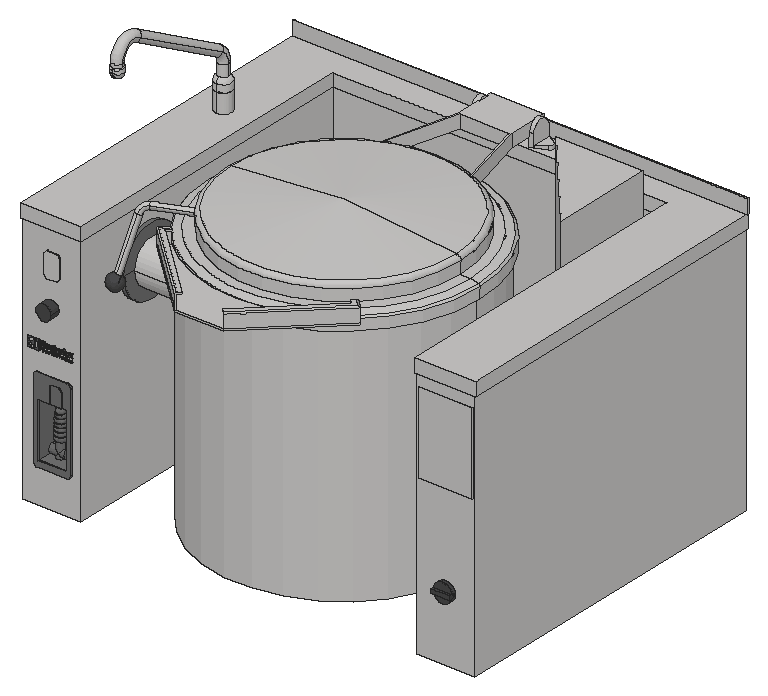
Revit family "QF_ELECTROLUXPROFESSIONAL_586942_PBOT10GLCS", category Specialty Equipment, Revit 2018 (continued)
Automatic sketch dimensions
  Extrusion 25 sketch curve to Extrusion 25 sketch curve = 0.182 mm  (x2)
  Extrusion 25 sketch curve to Extrusion 25 sketch curve = 0.93 mm
  Extrusion 25 sketch curve to Extrusion 25 sketch curve = 0.155 mm  (x2)
  Extrusion 25 sketch curve to Extrusion 25 sketch curve = 0.996 mm
  Extrusion 25 sketch curve to Extrusion 25 sketch curve = 0.297 mm  (x2)
  Extrusion 25 sketch curve to Extrusion 25 sketch curve = 2.359 mm
  Extrusion 25 sketch curve to Extrusion 25 sketch curve = 0.839 mm
  Extrusion 25 sketch curve to Extrusion 25 sketch curve = 0.892 mm  (x2)
  Extrusion 25 sketch curve to Extrusion 25 sketch curve = 0.563 mm
  Extrusion 25 sketch curve to Extrusion 25 sketch curve = 1.037 mm
  Extrusion 25 sketch curve to Extrusion 25 sketch curve = 0.531 mm  (x2)
  Extrusion 25 sketch curve to Extrusion 25 sketch curve = 0.068 mm  (x2)
  Extrusion 25 sketch curve to Extrusion 25 sketch curve = 0.203 mm
  Extrusion 25 sketch curve to Extrusion 25 sketch curve = 0.107 mm  (x2)
  Extrusion 25 sketch curve to Extrusion 25 sketch curve = 1.305 mm
  Extrusion 25 sketch curve to Extrusion 25 sketch curve = 1.058 mm
  Extrusion 25 sketch curve to Extrusion 25 sketch curve = 0.365 mm
  Extrusion 25 sketch curve to Extrusion 25 sketch curve = 0.15 mm  (x2)
  Extrusion 25 sketch curve to Extrusion 25 sketch curve = 0.475 mm
  Extrusion 25 sketch curve to Extrusion 25 sketch curve = 0.292 mm
  Extrusion 25 sketch curve to Extrusion 25 sketch curve = 0.434 mm  (x2)
  Extrusion 25 sketch curve to Extrusion 25 sketch curve = 0.385 mm  (x2)
  Extrusion 25 sketch curve to Extrusion 25 sketch curve = 2.117 mm
  Extrusion 25 sketch curve to Extrusion 25 sketch curve = 0.295 mm  (x2)
  Extrusion 25 sketch curve to Extrusion 25 sketch curve = 0.968 mm
  Extrusion 25 sketch curve to Extrusion 25 sketch curve = 3.826 mm
  Extrusion 25 sketch curve to Extrusion 25 sketch curve = 1.018 mm  (x2)
  Extrusion 25 sketch curve to Extrusion 25 sketch curve = 4.718 mm
  Extrusion 25 sketch curve to Extrusion 25 sketch curve = 2.967 mm
  Extrusion 25 sketch curve to Extrusion 25 sketch curve = 1.662 mm
  Extrusion 25 sketch curve to Extrusion 25 sketch curve = 1.626 mm  (x3)
  Extrusion 25 sketch curve to Extrusion 25 sketch curve = 1.65 mm
  Extrusion 25 sketch curve to Extrusion 25 sketch curve = 1.192 mm
  Extrusion 25 sketch curve to Extrusion 25 sketch curve = 2.57 mm  (x2)
  Extrusion 25 sketch curve to Extrusion 25 sketch curve = 3.444 mm  (x2)
  Extrusion 25 sketch curve to Extrusion 25 sketch curve = 1.343 mm  (x2)
  Extrusion 25 sketch curve to Extrusion 25 sketch curve = 1.353 mm  (x2)
  Extrusion 25 sketch curve to Extrusion 25 sketch curve = 0.027 mm  (x2)
  Extrusion 25 sketch curve to Extrusion 25 sketch curve = 0.395 mm  (x2)
  Extrusion 25 sketch curve to Extrusion 25 sketch curve = 0.329 mm  (x2)
  Extrusion 25 sketch curve to Extrusion 25 sketch curve = 0.425 mm  (x2)
  Extrusion 25 sketch curve to Extrusion 25 sketch curve = 0.051 mm  (x2)
  Extrusion 25 sketch curve to Extrusion 25 sketch curve = 0.495 mm  (x2)
  Extrusion 25 sketch curve to Extrusion 25 sketch curve = 0.267 mm  (x2)
  Extrusion 25 sketch curve to Extrusion 25 sketch curve = 1.4 mm
  Extrusion 25 sketch curve to Extrusion 25 sketch curve = 5.233 mm
  Extrusion 25 sketch curve to Extrusion 25 sketch curve = 2.062 mm
  plane 3 "LEFT" to Extrusion 26 sketch curve = 43.4 mm
  Extrusion 26 sketch curve to Extrusion 26 sketch curve = 82 mm
  Extrusion 26 sketch curve to plane 20 = 78.939 mm
  Extrusion 26 sketch curve to Extrusion 26 sketch curve = 195 mm
  Extrusion 27 sketch curve to plane 6 "TOP" = 0 mm
  Extrusion 27 sketch curve to plane 1 "BACK" = 0 mm
  Extrusion 27 sketch curve to Extrusion 27 sketch curve = 2 mm
  Extrusion 27 sketch curve to Extrusion 27 sketch curve = 37.998 mm
  curve 47 to curve 17 = 2 mm
  radius of Extrusion 4 sketch curve = 10 mm
  radius of Extrusion 15 sketch curve = 25 mm
  radius of curve 43 = 25 mm
  radius of Extrusion 17 sketch curve = 20 mm
  radius of Extrusion 20 sketch curve = 6.35 mm  (x2)
  radius of Extrusion 20 sketch curve = 12.7 mm
  radius of Extrusion 25 sketch curve = 2.453 mm
  radius of Extrusion 25 sketch curve = 1.557 mm
  radius of Extrusion 25 sketch curve = 1.468 mm
  radius of Extrusion 25 sketch curve = 2.451 mm
Nested families
  nested 1: "Electrolux_Handle" at (324.646, -653.285, 8.398) x (0.9205, 0.3907, 0) z (0, 0, 1), type "Family1"
  nested 2: "QF_ELECTROLUXPROFESSIONAL_RubSprint" at (80, -230.346, 900), type "QF_ELECTROLUXPROFESSIONAL_RubSprint"
  nested 3: "QF_ELECTROLUXPROFESSIONAL_SprayGun" at (80.4, -737, 291.944), type "QF_ELECTROLUXPROFESSIONAL_SprayGun"
Connectors
  piping at (110.571, 100, 395), diameter 12.7
    settings: on Extrusion 20, index 1, connector inside diameter 1/2", connector length 0 mm, flow factor 0, pipe flow 0 GPM, pressure drop 0.00 psi, fitting loss kfactor 0, connector angle 0.00°, fixture units 0, engagement length 0 mm, angle of deflection 0.00°, flow configuration 1, flow direction 1, fitting loss method 0, system type 20, joint type 0, gender type 0, connector reference index -1, connector utility 0, adjustable connector no, is connector primary yes, connector description "Cold Water Supply"
  piping at (50, 100, 395), diameter 12.7
    settings: on Extrusion 20, index 2, connector inside diameter 1/2", connector length 0 mm, flow factor 0, pipe flow 0 GPM, pressure drop 0.00 psi, fitting loss kfactor 0, connector angle 0.00°, fixture units 0, engagement length 0 mm, angle of deflection 0.00°, flow configuration 1, flow direction 1, fitting loss method 0, system type 19, joint type 0, gender type 0, connector reference index -1, connector utility 0, adjustable connector no, is connector primary no, connector description "Hot Water Supply"
  electrical at (1120, 100, 450), driven by "Volts"
    settings: on Extrusion 4, index 3, voltage 230 V, apparent load 300 VA, apparent load phase1 0 VA, apparent load phase2 0 VA, apparent load phase3 0 VA, power factor 1, load classification "Other", number of poles 1, system type 30, power factor state 1, is connector primary yes, connector utility no, sub classification motor no, connector description "Electrical Connection"
  piping at (80.257, 100, 345), diameter 25.4
    settings: on Extrusion 20, index 4, connector inside diameter 1", connector length 0 mm, flow factor 0, pipe flow 0 GPM, pressure drop 0.00 psi, fitting loss kfactor 0, connector angle 0.00°, fixture units 0, engagement length 0 mm, angle of deflection 0.00°, flow configuration 1, flow direction 1, fitting loss method 0, system type 7, joint type 0, gender type 0, connector reference index -1, connector utility 0, adjustable connector no, is connector primary no, connector description "Gas Connection"
Definition of nested family "Electrolux_Handle"
  Parameters
    Assembly Code = ""
  Reference planes
    plane 1 "Center (Front/Back)": y = 0
    plane 2: z = 0
    plane 3 "Center (Left/Right)": x = 0
  Forms (mm)
    Sweep 1, solid
      path origin (0, -272.67, 40.751) x (1, 0, 0) y (0, 0.292372, 0.956305)
        loop
          line (16.511, 924.614) -> (-78.489, 924.614)
          arc (-78.489, 924.614) -> (-94.127, 919.229) -> (-103.135, 905.359) r 25.4
          line (-103.135, 905.359) -> (-140.724, 754.597)
      profile origin (-30.989, -2.339, 924.963) x (0, -0.292372, -0.956305) y (0, -0.956305, 0.292372)
        loop
          circle (0, 0) r 8
    Revolve 2, solid
      sketch origin (0, -272.67, 40.751) x (1, 0, 0) y (0, 0.292372, 0.956305)
        loop
          arc (-160.764, 759.594) -> (-145.72, 734.557) -> (-120.683, 749.601) r 20.654
          line (-120.683, 749.601) -> (-160.764, 759.594)
        axis (-120.683, 749.601) -> (-160.764, 759.594)
      angle from 0 to 360
  Lines and regions (mm)
    symbolic lines
      curve 1: line (16.511, 5.661, 0) -> (-87.322, 5.661, 0)
      curve 2: line (16.511, -9.989, 0) -> (-86.193, -9.989, 0)
      curve 3: line (-133.697, -56.773, 0) -> (-97.513, -15.149, 0)
      curve 4: line (-146.568, -45.584, 0) -> (-111.666, -5.433, 0)
      curve 5: arc (-135.59, -32.955, 0) -> (-154.333, -67.194, 0) -> (-122.78, -44.215, 0) r 20
      curve 6: arc (-146.568, -45.584, 0) -> (-145.727, -57.614, 0) -> (-133.697, -56.773, 0) r 8.527
      curve 7: arc (-87.322, 5.661, 0) -> (-100.698, 2.757, 0) -> (-111.666, -5.433, 0) r 32.256
      curve 8: arc (-86.193, -9.989, 0) -> (-92.413, -11.34, 0) -> (-97.513, -15.149, 0) r 15
  Dimensions and locks
    aligned and locked: level to plane 2
    aligned and locked: Revolve 2 sketch curve to Sweep 1  (x2)
    aligned and locked: curve 1 to Sweep 1
    aligned and locked: Sweep 1 to curve 2
Definition of nested family "QF_ELECTROLUXPROFESSIONAL_RubSprint"
  Reference planes
    plane 1 "Center (Front/Back)": y = 0
    plane 2: z = 0
    plane 3 "Center (Left/Right)": x = 0
  Forms (mm)
    Revolve 1, solid
      sketch origin (0, 0, 0) x (0, 1, 0) y (0, 0, 1)
        loop
          line (-21, 0) -> (0, 0) -> (0, 82.75) -> (-14.385, 82.75)
          arc (-14.385, 82.75) -> (-19.409, 76.68) -> (-22.385, 69.383) r 26
          line (-22.385, 69.383) -> (-22.385, 51.306) -> (-21, 50.388) -> (-21, 0)
        axis (0, 82.75) -> (0, 0)
      angle from 0 to 360
    Sweep 2, solid
      path origin (0, 0, 0) x (0, 1, 0) y (0, 0, 1)
        loop
          line (0, 82.75) -> (0, 113.75)
          arc (0, 113.75) -> (-5.44, 133.889) -> (-20.279, 148.551) r 40
          line (-20.279, 148.551) -> (-290.279, 301.55)
          arc (-290.279, 301.55) -> (-330.139, 301.31) -> (-349.999, 266.749) r 40
          line (-349.999, 266.749) -> (-349.999, 257.884)
      profile origin (0, 0, 98.25) x (0, -1, 0) y (1, 0, 0)
        loop
          circle (0, 0) r 13.5
    Revolve 3, solid
      sketch origin (0, 0, 0) x (0, 1, 0) y (0, 0, 1)
        loop
          line (-333.717, 244.264) -> (-333.717, 254.236)
          arc (-333.717, 254.236) -> (-334.434, 255.758) -> (-335.779, 256.77) r 3.5
          line (-335.779, 256.77) -> (-336.499, 257.884) -> (-349.999, 257.884) -> (-349.999, 233.05) -> (-339.2, 233.05)
          arc (-339.2, 233.05) -> (-338.052, 233.411) -> (-337.32, 234.365) r 2
          line (-337.32, 234.365) -> (-333.717, 244.264)
        axis (-349.999, 257.884) -> (-349.999, 233.05)
      angle from 0 to 360
  Lines and regions (mm)
    symbolic lines
      curve 1: arc (-13.5, -17.856, 0) -> (0, 22.385, 0) -> (13.5, -17.856, 0) r 22.385
      curve 2: arc (-13.5, 0, 0) -> (0, 13.5, 0) -> (13.5, 0, 0) r 13.5
      curve 3: arc (-13.5, -349.999, 0) -> (0, -363.499, 0) -> (13.5, -349.999, 0) r 13.5
      curve 4: arc (-13.5, -340.897, 0) -> (0, -366.281, 0) -> (13.5, -340.897, 0) r 16.282
      curve 5: line (13.5, -349.999, 0) -> (13.5, 0, 0)
      curve 6: line (-13.5, -349.999, 0) -> (-13.5, 0, 0)
  Dimensions and locks
    aligned and locked: level to plane 2
Definition of nested family "QF_ELECTROLUXPROFESSIONAL_SprayGun"
  Reference planes
    plane 1 "Center (Front/Back)": y = 0
    plane 2: z = 0
    plane 3 "SGy": x = 13
    plane 4 "AxeZ": y = -45
    plane 5 "Center (Left/Right)": x = 4
    plane 6 "Center (Top/Right)": z = 112.5
  Forms (mm)
    Revolve 1, solid
      sketch origin (0, -45, 0) x (0, 0, 1) y (-1, 0, 0)
        loop
          line (73.98, -1.423) -> (33.98, -1.423) -> (33.98, -13) -> (151.7, -13) -> (151.7, -4.362)
          arc (151.7, -4.362) -> (147.093, -1.396) -> (141.64, -1.926) r 8.345
          arc (141.64, -1.926) -> (140.226, -2.024) -> (139.103, -1.16) r 2
          arc (139.103, -1.16) -> (138.832, -0.814) -> (138.493, -0.536) r 2
          arc (138.493, -0.536) -> (134.77, 0.557) -> (131.061, -0.581) r 6.745
          arc (131.061, -0.581) -> (129.812, -0.914) -> (128.62, -0.414) r 2
          arc (128.62, -0.414) -> (124.347, 1.338) -> (119.917, 0.035) r 6.972
          arc (119.917, 0.035) -> (118.79, -0.341) -> (117.648, -0.011) r 2
          arc (117.648, -0.011) -> (113.81, 1.188) -> (109.921, 0.166) r 7.275
          arc (109.921, 0.166) -> (108.725, -0.109) -> (107.594, 0.367) r 2
          arc (107.594, 0.367) -> (103.55, 1.928) -> (99.427, 0.587) r 6.475
          arc (99.427, 0.587) -> (98.262, 0.173) -> (97.076, 0.524) r 2
          arc (97.076, 0.524) -> (92.711, 1.941) -> (88.277, 0.758) r 8.094
          arc (88.277, 0.758) -> (87.212, 0.464) -> (86.153, 0.781) r 2
          arc (86.153, 0.781) -> (79.633, 2.075) -> (73.98, -1.423) r 9.075
        axis (151.7, -13) -> (33.98, -13)
      angle from 0 to 360
    Revolve 2, solid
      sketch origin (0, -45, 0) x (0, 0, 1) y (-1, 0, 0)
        loop
          line (47.58, 11.558) -> (40.98, 11.558) -> (40.98, 9.577) -> (35.98, 9.577) -> (35.98, -30.423) -> (40.98, -30.423) -> (40.98, -35.423) -> (47.58, -35.423) -> (47.58, 11.558)
        axis (47.58, 11.558) -> (47.58, -35.423)
      angle from 0 to 360
    Extrusion 3, solid
      sketch origin (0, -45, 0) x (1, 0, 0) y (0, 1, 0)
        loop
          line (21.638, 0) -> (17.319, 7.481) -> (8.681, 7.481) -> (4.362, 0) -> (8.681, -7.481) -> (17.319, -7.481) -> (21.638, 0)
      from 151.7 to 160.974
    Extrusion 4, solid
      sketch origin (0, 0, 0) x (1, 0, 0) y (0, 0, 1)
        loop
          arc (-45, 10) -> (-42.071, 2.929) -> (-35, 0) r 10
          line (-35, 0) -> (43, 0)
          arc (43, 0) -> (50.071, 2.929) -> (53, 10) r 10
          line (53, 10) -> (53, 215)
          arc (53, 215) -> (50.071, 222.071) -> (43, 225) r 10
          line (43, 225) -> (-35, 225)
          arc (-35, 225) -> (-42.071, 222.071) -> (-45, 215) r 10
          line (-45, 215) -> (-45, 10)
        loop
          line (-35, 162) -> (-35, 16) -> (43, 16) -> (43, 162) -> (29, 162) -> (29, 199)
          arc (29, 199) -> (26.657, 204.657) -> (21, 207) r 8
          line (21, 207) -> (5, 207)
          arc (5, 207) -> (-0.657, 204.657) -> (-3, 199) r 8
          line (-3, 199) -> (-3, 162) -> (-35, 162)
      from 63 to 60
    Extrusion 5, solid
      sketch origin (0, 0, 0) x (1, 0, 0) y (0, 0, 1)
        loop
          line (-35, 16) -> (43, 16) -> (43, 162) -> (29, 162) -> (29, 199)
          arc (29, 199) -> (26.657, 204.657) -> (21, 207) r 8
          line (21, 207) -> (5, 207)
          arc (5, 207) -> (-0.657, 204.657) -> (-3, 199) r 8
          line (-3, 199) -> (-3, 162) -> (-35, 162) -> (-35, 16)
        loop
          line (31, 164) -> (31, 199)
          arc (31, 199) -> (28.071, 206.071) -> (21, 209) r 10
          line (21, 209) -> (5, 209)
          arc (5, 209) -> (-2.071, 206.071) -> (-5, 199) r 10
          line (-5, 199) -> (-5, 164) -> (-37, 164) -> (-37, 14) -> (45, 14) -> (45, 164) -> (31, 164)
      from 0 to 60
    Extrusion 6, solid
      sketch origin (0, 0, 0) x (1, 0, 0) y (0, 0, 1)
        loop
          line (-37, 164) -> (-37, 14) -> (45, 14) -> (45, 164) -> (-37, 164)
      from 6 to 0
    Extrusion 7, solid
      sketch origin (0, 0, 0) x (1, 0, 0) y (0, 0, 1)
        loop
          line (28, 160.974) -> (28, 198)
          arc (28, 198) -> (25.657, 203.657) -> (20, 206) r 8
          line (20, 206) -> (6, 206)
          arc (6, 206) -> (0.343, 203.657) -> (-2, 198) r 8
          line (-2, 198) -> (-2, 160.974) -> (28, 160.974)
      from 0 to 63
  Dimensions and locks
    equal spacing: Extrusion 4, plane 5 "Center (Left/Right)", Extrusion 4
    Extrusion 4 to Extrusion 4 = 225 mm
    Extrusion 4 to Extrusion 4 = 98 mm
    aligned and locked: level to plane 2
  Automatic sketch dimensions
    plane 3 "SGy" to Revolve 1 sketch curve = 0 mm  (x2)
    plane 5 "Center (Left/Right)" to Revolve 1 sketch curve = 2.577 mm
    level to Revolve 1 sketch curve = 33.98 mm
    Revolve 1 sketch curve to Revolve 1 sketch curve = 40 mm
    Revolve 1 sketch curve to plane 5 "Center (Left/Right)" = 2.854 mm
    Revolve 1 sketch curve to Revolve 1 sketch curve = 7.27 mm
    Revolve 1 sketch curve to Revolve 1 sketch curve = 5.984 mm
    Revolve 1 sketch curve to plane 5 "Center (Left/Right)" = 2.15 mm
    Revolve 1 sketch curve to Revolve 1 sketch curve = 5.262 mm
    Revolve 1 sketch curve to Revolve 1 sketch curve = 5.712 mm
    Revolve 1 sketch curve to plane 5 "Center (Left/Right)" = 0.545 mm
    Revolve 1 sketch curve to Revolve 1 sketch curve = 5.167 mm
    Revolve 1 sketch curve to Revolve 1 sketch curve = 5.522 mm
    Revolve 1 sketch curve to plane 5 "Center (Left/Right)" = 2.085 mm
    Revolve 1 sketch curve to Revolve 1 sketch curve = 4.746 mm
    Revolve 1 sketch curve to Revolve 1 sketch curve = 5.106 mm
    Revolve 1 sketch curve to plane 5 "Center (Left/Right)" = 1.624 mm
    Revolve 1 sketch curve to Revolve 1 sketch curve = 5.239 mm
    Revolve 1 sketch curve to Revolve 1 sketch curve = 5.96 mm
    Revolve 1 sketch curve to plane 5 "Center (Left/Right)" = 2.187 mm
    Revolve 1 sketch curve to Revolve 1 sketch curve = 4.862 mm
    plane 5 "Center (Left/Right)" to Revolve 1 sketch curve = 1.788 mm
    Revolve 1 sketch curve to Revolve 1 sketch curve = 2.59 mm
    Revolve 1 sketch curve to Revolve 1 sketch curve = 3.403 mm
    plane 3 "SGy" to Revolve 1 sketch curve = 3.493 mm
    Revolve 1 sketch curve to Revolve 1 sketch curve = 4.325 mm
    Revolve 1 sketch curve to Revolve 1 sketch curve = 6.57 mm
    Revolve 1 sketch curve to plane 5 "Center (Left/Right)" = 0.362 mm
    plane 5 "Center (Left/Right)" to Revolve 1 sketch curve = 3.891 mm
    plane 5 "Center (Left/Right)" to Revolve 1 sketch curve = 5.081 mm
    plane 5 "Center (Left/Right)" to Revolve 1 sketch curve = 5.658 mm
    plane 5 "Center (Left/Right)" to Revolve 1 sketch curve = 5.884 mm
    plane 5 "Center (Left/Right)" to Revolve 1 sketch curve = 6.173 mm
    plane 5 "Center (Left/Right)" to Revolve 1 sketch curve = 6.464 mm
    Revolve 1 sketch curve to Revolve 1 sketch curve = 7.72 mm
    Revolve 1 sketch curve to Revolve 1 sketch curve = 0 mm  (x12)
    Revolve 1 sketch curve to Revolve 1 sketch curve = 1.57 mm
    Revolve 2 sketch curve to plane 3 "SGy" = 17.423 mm
    level to Revolve 2 sketch curve = 35.98 mm
    Revolve 2 sketch curve to Revolve 2 sketch curve = 5 mm  (x3)
    Revolve 2 sketch curve to Revolve 2 sketch curve = 6.6 mm
    plane 5 "Center (Left/Right)" to Revolve 2 sketch curve = 13.577 mm
    Revolve 2 sketch curve to Revolve 2 sketch curve = 1.981 mm
    Revolve 2 sketch curve to Revolve 2 sketch curve = 0 mm  (x2)
    Revolve 2 sketch curve to Revolve 2 sketch curve = 4.326 mm
    plane 4 "AxeZ" to Extrusion 3 sketch curve = 0 mm  (x2)
    Extrusion 3 sketch curve to plane 5 "Center (Left/Right)" = 0.362 mm
    plane 3 "SGy" to Extrusion 3 sketch curve = 4.319 mm  (x2)
    Extrusion 3 sketch curve to plane 3 "SGy" = 4.319 mm  (x2)
    Extrusion 3 sketch curve to Extrusion 3 sketch curve = 4.319 mm
    plane 4 "AxeZ" to Extrusion 3 sketch curve = 7.481 mm
    Extrusion 3 sketch curve to plane 4 "AxeZ" = 7.481 mm
    Extrusion 4 sketch curve to level = 0 mm
    level to Extrusion 4 sketch curve = 10 mm
    plane 5 "Center (Left/Right)" to Extrusion 4 sketch curve = 49 mm
    Extrusion 4 sketch curve to Extrusion 4 sketch curve = 10 mm  (x2)
    Extrusion 4 sketch curve to Extrusion 4 sketch curve = 0 mm  (x3)
    plane 5 "Center (Left/Right)" to Extrusion 4 sketch curve = 7 mm
    Extrusion 4 sketch curve to plane 5 "Center (Left/Right)" = 1 mm
    Extrusion 4 sketch curve to plane 3 "SGy" = 8 mm
    Extrusion 4 sketch curve to plane 3 "SGy" = 16 mm
    Extrusion 4 sketch curve to Extrusion 4 sketch curve = 14 mm  (x2)
    Extrusion 4 sketch curve to Extrusion 4 sketch curve = 6 mm
    Extrusion 4 sketch curve to Extrusion 4 sketch curve = 146 mm
    Extrusion 4 sketch curve to Extrusion 4 sketch curve = 37 mm
    Extrusion 4 sketch curve to Extrusion 4 sketch curve = 16 mm
    Extrusion 5 sketch curve to Extrusion 5 sketch curve = 0 mm  (x5)
    level to Extrusion 5 sketch curve = 14 mm
    plane 5 "Center (Left/Right)" to Extrusion 5 sketch curve = 41 mm
    Extrusion 5 sketch curve to Extrusion 5 sketch curve = 2 mm  (x6)
    plane 5 "Center (Left/Right)" to Extrusion 5 sketch curve = 9 mm
    Extrusion 5 sketch curve to plane 5 "Center (Left/Right)" = 1 mm
    Extrusion 5 sketch curve to plane 3 "SGy" = 8 mm
    Extrusion 5 sketch curve to Extrusion 5 sketch curve = 8 mm
    Extrusion 5 sketch curve to plane 3 "SGy" = 30 mm
    Extrusion 5 sketch curve to Extrusion 5 sketch curve = 146 mm
    Extrusion 5 sketch curve to Extrusion 5 sketch curve = 35 mm
    level to Extrusion 6 sketch curve = 14 mm
    plane 5 "Center (Left/Right)" to Extrusion 6 sketch curve = 41 mm
    Extrusion 6 sketch curve to plane 3 "SGy" = 32 mm
    Extrusion 6 sketch curve to Extrusion 6 sketch curve = 150 mm
    plane 5 "Center (Left/Right)" to Extrusion 7 sketch curve = 6 mm
    Extrusion 7 sketch curve to plane 5 "Center (Left/Right)" = 2 mm
    Extrusion 7 sketch curve to plane 3 "SGy" = 7 mm
    Extrusion 7 sketch curve to plane 3 "SGy" = 15 mm
    level to Extrusion 7 sketch curve = 160.974 mm
    Extrusion 7 sketch curve to Extrusion 7 sketch curve = 37.026 mm
